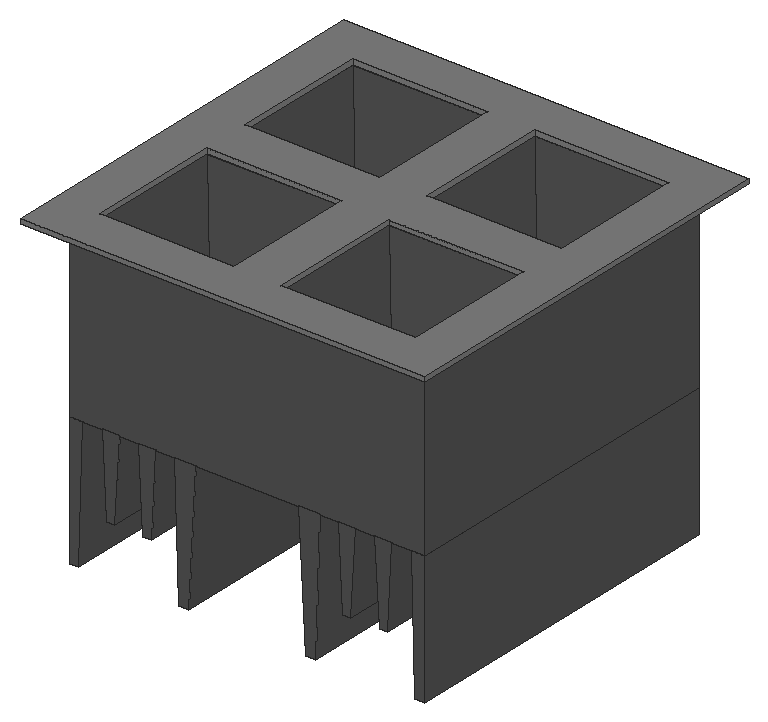
Revit family "Bitpop 2.2A", category Lighting Fixtures, host Face, Revit 2017
Family settings
  Host = Face
  Round Connector Dimension = Use Diameter
  Part Type = Normal
  Cut with Voids When Loaded = Yes
  Light Source = Yes
  Shared = No
  Room Calculation Point = Yes
Parameters (values of type "Bitpop 2.2_ F 30° (3000K 26W 230Vac)")
  Wiring = "-"
  Width mm = 89 mm
  Weight kg = "0.42"
  Wattage = 12.9256 W
  built-in parameter 1150110 = 1 (stored number, unit not read)
  Voltage = 230 V
  URL Technical sheet = "https://www.lucelight.it/media/prodotti/st/ST_BITPOP_22.pdf"
  URL Image = "https://www.lucelight.it/media/prodotti/foto/bitpop_2.2_still.jpg"
  URL IES Photometric file = "https://www.lucelight.it/media/prodotti/fotometrie/bitpop_2.2_ies.zip"
  URL General code = "https://www.lucelight.it/en/prodotto.php/102293#a-generacodice"
  URL Description = "https://www.lucelight.it/en/capitolato.php/102293"
  URL DXF = "https://www.lucelight.it/media/prodotti/dxf/bitpop_2.2.dxf"
  URL Catalogue = "https://www.lucelight.it/media/prodotti/brochure/bitpop_brochure_en.pdf"
  URL Accessories and power supply units = "https://www.lucelight.it/en/prodotto.php/102293#a-scheda-accessori"
  URL = "https://www.lucelight.it/en/prodotto.php/102293"
  built-in parameter 1114217 = 1 (stored number, unit not read)
  Tilt Angle = 90.00°
  built-in parameter 1150109 = 1 (stored number, unit not read)
  built-in parameter 1150134 = (empty or 0)
  built-in parameter 1150113 = 1 (stored number, unit not read)
  Photometric Web File = "BITPOP 2.2 F 30° [3000K 26W 230Vac].IES"
  Model = "Bitpop 2.2"
  Manufacturer = "L&L Luce&Light"
  built-in parameter 1150105 = 152.79 (stored number, unit not read)
  Lumens = 1920 lm
  built-in parameter 1150115 = 1 (stored number, unit not read)
  built-in parameter 1150137 = (empty or 0)
  built-in parameter 1150139 = (empty or 0)
  built-in parameter 1150112 = 1 (stored number, unit not read)
  built-in parameter 1150114 = 1 (stored number, unit not read)
  built-in parameter 1150132 = 2
  built-in parameter 1150102 = (empty or 0)
  built-in parameter 1150107 = 3000 (stored number, unit not read)
  built-in parameter 1150138 = (empty or 0)
  built-in parameter 1150106 = 1.5279 (stored number, unit not read)
  Geometry = Bitpop2.2_ mod : Bitpop 2.2
  Trim = L&L_Steel
  Power supply unit = "included and wired"
  Power supply = "230Vac"
  Power cables = "includes 0.30 m cable"
  Power = "26W (also available: 18W - ref. URL Technical sheet)"
  Optics = "30°"
  Notes = "ceiling-mounted version Bitpop C"
  No. and type of led = "4 high-intensity power LEDs"
  Mounting = "recessed (ceiling: flush or deep set)"
  Material = "body in black anodized aluminium trim in steel"
  Lumen output at source = "1400 lm (3000K, 18W); 1920 lm (3000K, 26W)"
  Lens = L&L_Lens
  Length mm = 89 mm
  LED Colour = "3000K (also available: 2700K and 4000K - ref. URL Technical sheet)"
  IP = "40; 44 installed"
  Height void = 42 mm
  Length void = 82 mm
  Width void = 82 mm
  Height mm = 71 mm
  Features = "UGR < 10 for 17° and 30° optics"
  Energy efficiency class = "A A+ A++"
  Emit from Line Length = 609.6 mm
  built-in parameter 1150104 = 13.8 (stored number, unit not read)
  Dimming Lamp Color Temperature Shift = <None>
  Description = "Indoor recessed"
  Delivered lumen output = "992 lm (3000K, 30°, 18W); 1340 lm (3000K, 30°, 26W)"
  Default Elevation = 1219.2 mm
  Cutout dimensions = "82x82 mm"
  Control system = "on/off; 1-10V + PUSH; DALI + PUSH"
  Contact = "T: +39 0444 360571; E: lucelight@lucelight.it"
  Company = "L&L Luce&Light"
  Color Filter = 16777215
  Code = "BP2210 B White; BP2210 N Black; BP2211 B White; BP2211 N Black"
  CRI = "90 (also available: CRI 80 - ref. URL Technical sheet)"
  Body = L&L_Black anodized aluminium
  built-in parameter 1114218 = 1 (stored number, unit not read)
  built-in parameter 1150133 = 10 (stored number, unit not read)
  Apparent Load Phase 1 = 26 W
Types (8, lengths in mm): name | Photometric Web File | Model | Geometry | Optics | LED Colour | Length void | Width void
  Bitpop 2.2_ F 30° (3000K 26W 230Vac) | "BITPOP 2.2 F 30° [3000K 26W 230Vac].IES" | "Bitpop 2.2" | Bitpop2.2_ mod : Bitpop 2.2 | "30°" | "3000K (also available: 2700K and 4000K - ref. URL Technical sheet)" | 82 | 82
  Bitpop 2.2_ L 42° (3000K 26W 230Vac) | "BITPOP 2.2 L 42° [3000K 26W 230Vac].IES" | "Bitpop 2.2" | Bitpop2.2_ mod : Bitpop 2.2 | "42°" | "3000K (also available: 2700K and 4000K - ref. URL Technical sheet)" | 82 | 82
  Bitpop 2.2_ S 17° (3000K 26W 230Vac) | "BITPOP 2.2 S 17° [3000K 26W 230Vac].IES" | "Bitpop 2.2" | Bitpop2.2_ mod : Bitpop 2.2 | "17°" | "3000K (also available: 2700K and 4000K - ref. URL Technical sheet)" | 82 | 82
  Bitpop 2.2_ W 17°x45° (3000K 26W 230Vac) | "BITPOP 2.2 W 17°x45° [3000K 26W 230Vac].IES" | "Bitpop 2.2" | Bitpop2.2_ mod : Bitpop 2.2 | "17°x45°" | "3000K (also available: 2700K and 4000K - ref. URL Technical sheet)" | 82 | 82
  Bitpop 2.2_Recessed_ F 30° (3000K 26W 230Vac) | "BITPOP 2.2 F 30° [3000K 26W 230Vac].IES" | "Bitpop 2.2_Recessed" | Bitpop2.2_Recessed_mod : Bitpop 2.2 | "30°" | "3000K (also available: 2700K and 4000K - ref. URL Technical sheet)" | 93 | 93
  Bitpop 2.2_Recessed_ L 42° (3000K 26W 230Vac) | "BITPOP 2.2 L 42° [3000K 26W 230Vac].IES" | "Bitpop 2.2_Recessed" | Bitpop2.2_Recessed_mod : Bitpop 2.2 | "42°" | "3000K (also available: 2700K and 4000K - ref. URL Technical sheet)" | 93 | 93
  Bitpop 2.2_Recessed_ S 17° (3000K 26W 230Vac) | "BITPOP 2.2 S 17° [3000K 26W 230Vac].IES" | "Bitpop 2.2_Recessed" | Bitpop2.2_Recessed_mod : Bitpop 2.2 | "17°" | "3000K (also available: 2700K and 4000K - ref. URL Technical sheet)" | 93 | 93
  Bitpop 2.2_Recessed_ W 17°x45° (3000K 26W 230Vac) | "BITPOP 2.2 W 17°x45° [3000K 26W 230Vac].IES" | "Bitpop 2.2_Recessed" | Bitpop2.2_Recessed_mod : Bitpop 2.2 | "17°x45°" | "3000K (also available: 2700K and 4000K - ref. URL Technical sheet)" | 93 | 93
Reference planes
  plane 1 "Center (Front/Back)": y = 0
  plane 2: z = 0
  plane 3 "Center (Left/Right)": x = 0
  plane 4: x = -41
  plane 5: x = 41
  plane 6: y = 41
  plane 7: y = -41
  plane 8: z = -42
Forms (mm)
  Extrusion 1, void
    sketch origin (-11.1, 1.1, 0) x (1, 0, 0) y (0, 1, 0)
      loop
        line (-29.9, 39.9) -> (-29.9, -42.1) -> (52.1, -42.1) -> (52.1, 39.9) -> (-29.9, 39.9)
    from 0 to -42
Dimensions and locks
  "Length void": plane 4 to plane 5
  "Width void": plane 7 to plane 6
  "Height void": plane 8 to plane 2
  equal spacing: plane 4, plane 3 "Center (Left/Right)", plane 5
  equal spacing: plane 7, plane 1 "Center (Front/Back)", plane 6
  aligned and locked: plane 2 to host face
  aligned and locked: level to host face
  aligned and locked: plane 2 to Extrusion 1
  aligned and locked: plane 8 to Extrusion 1
  aligned and locked: Extrusion 1 to plane 6
  aligned and locked: plane 7 to Extrusion 1
  aligned and locked: Extrusion 1 to plane 4
  aligned and locked: plane 5 to Extrusion 1
Automatic sketch dimensions
  host sketch curve to host sketch curve = 2438.4 mm  (x2)
  Extrusion 1 sketch curve to plane 4 = 0 mm
  Extrusion 1 sketch curve to plane 7 = 0 mm
  Extrusion 1 sketch curve to plane 6 = 0 mm
  Extrusion 1 sketch curve to plane 5 = 0 mm
Nested families
  nested 1: "Bitpop2.2_ mod" at (0, 0, -70), type <- "Geometry", type "Bitpop 2.2"
Connectors
  electrical at (0, 0, 0), driven by "Voltage", driven by "Apparent Load Phase 1"
    settings: index 1, voltage 230 V, apparent load 0 VA, apparent load phase1 26 VA, apparent load phase2 0 VA, apparent load phase3 0 VA, power factor 1, load classification "Other", number of poles 1, system type 31, power factor state 1, is connector primary yes, connector utility no, sub classification motor no, connector description ""
Definition of nested family "Bitpop2.2_ mod"
  Parameters (values of type "Bitpop 2.2")
    Wings B = no
    Wings A = yes
    Trim = none
    Lens = none
    Length wings = 78 mm
    Height Bitpop = 135.3 mm
    External box = no
    Default Elevation = 1219.2 mm
    Body = none
  Reference planes
    plane 1 "Light Source Axis (F/B)": y = 0
    plane 2: z = 0
    plane 3 "Light Source Axis (L/R)": x = 0
    plane 4 "Light Source Elevation": z = 1515
    plane 5: x = -39
    plane 6: x = 39
    plane 7: y = 37.7
    plane 8: y = -37.7
    plane 9: z = 70.985
    plane 10: z = 69.985
    plane 11: z = 206.285
    plane 12: z = 37.785
    plane 13: z = 32.785
    plane 14: z = 36.785
    plane 15: z = 30.885
    plane 16: x = -4
    plane 17: x = 4
    plane 18: z = 73.285
    plane 19: z = 0.915
  Forms (mm)
    Extrusion 1, solid, material <- "Trim", detail levels medium+fine
      sketch origin (0, 0, 0) x (1, 0, 0) y (0, 1, 0)
        loop
          line (44.5, 44.5) -> (-44.5, 44.5) -> (-44.5, -44.5) -> (44.5, -44.5) -> (44.5, 44.5)
      from 69.985 to 70.985
    Extrusion 2, solid, material <- "Body", detail levels coarse
      sketch origin (0, 0, 0) x (1, 0, 0) y (0, 1, 0)
        loop
          line (-39, 37.7) -> (-39, -37.7) -> (39, -37.7) -> (39, 37.7) -> (-39, 37.7)
      from 0 to 73.285
    Extrusion 3, solid, material <- "Body", detail levels fine
      sketch origin (0, 0, 0) x (1, 0, 0) y (0, 1, 0)
        loop
          line (-39, 37.7) -> (-39, -37.7) -> (39, -37.7) -> (39, 37.7) -> (-39, 37.7)
      from 30.885 to 69.985
    Blend 4, void
      base sketch origin (0, 0, 0) x (1, 0, 0) y (0, 1, 0)
        loop
          line (-5.171, 34.829) -> (-34.83, 34.829) -> (-34.83, 5.17) -> (-5.171, 5.17) -> (-5.171, 34.829)
      top sketch origin (0, 0, 0) x (1, 0, 0) y (0, 1, 0)
        loop
          line (-7.886, 32.113) -> (-32.113, 32.113) -> (-32.113, 7.887) -> (-7.886, 7.887) -> (-7.886, 32.113)
      from 70.985 to 37.785
    Blend 5, void
      base sketch origin (40, 0, 0) x (1, 0, 0) y (0, 1, 0)
        loop
          line (-5.171, 34.829) -> (-34.83, 34.829) -> (-34.83, 5.17) -> (-5.171, 5.17) -> (-5.171, 34.829)
      top sketch origin (40, 0, 0) x (1, 0, 0) y (0, 1, 0)
        loop
          line (-7.886, 32.113) -> (-32.113, 32.113) -> (-32.113, 7.887) -> (-7.886, 7.887) -> (-7.886, 32.113)
      from 70.985 to 37.785
    Blend 6, void
      base sketch origin (0, -40, 0) x (1, 0, 0) y (0, 1, 0)
        loop
          line (-5.171, 34.829) -> (-34.83, 34.829) -> (-34.83, 5.17) -> (-5.171, 5.17) -> (-5.171, 34.829)
      top sketch origin (0, -40, 0) x (1, 0, 0) y (0, 1, 0)
        loop
          line (-7.886, 32.113) -> (-32.113, 32.113) -> (-32.113, 7.887) -> (-7.886, 7.887) -> (-7.886, 32.113)
      from 70.985 to 37.785
    Blend 7, void
      base sketch origin (40, -40, 0) x (1, 0, 0) y (0, 1, 0)
        loop
          line (-5.171, 34.829) -> (-34.83, 34.829) -> (-34.83, 5.17) -> (-5.171, 5.17) -> (-5.171, 34.829)
      top sketch origin (40, -40, 0) x (1, 0, 0) y (0, 1, 0)
        loop
          line (-7.886, 32.113) -> (-32.113, 32.113) -> (-32.113, 7.887) -> (-7.886, 7.887) -> (-7.886, 32.113)
      from 70.985 to 37.785
    Extrusion 8, void
      sketch origin (0, 0, 0) x (1, 0, 0) y (0, 1, 0)
        loop
          circle (-20, 20) r 10.7
        loop
          circle (20, 20) r 10.7
        loop
          circle (-20, -20) r 10.7
        loop
          circle (20, -20) r 10.7
      from 32.785 to 46.486
    Extrusion 9, solid, material <- "Lens", detail levels medium+fine
      sketch origin (0, 0, 0) x (1, 0, 0) y (0, 1, 0)
        loop
          circle (-20, 20) r 10.7
        loop
          circle (20, 20) r 10.7
        loop
          circle (-20, -20) r 10.7
        loop
          circle (20, -20) r 10.7
      from 36.785 to 37.785
    Extrusion 10, solid, material <- "Body", detail levels fine
      sketch origin (0, 0, 0) x (1, 0, 0) y (0, 0, 1)
        loop
          line (38.995, 1.915) -> (38.995, 30.885) -> (36.119, 30.885) -> (36.973, 1.915) -> (38.995, 1.915)
        loop
          line (30.91, 12.916) -> (31.881, 30.885) -> (28.118, 30.885) -> (29.104, 12.916) -> (30.91, 12.916)
      from -37.7 to 37.7
    Extrusion 11, solid, material <- "Body", detail levels medium
      sketch origin (0, 0, 0) x (1, 0, 0) y (0, 1, 0)
        loop
          line (-39, 37.7) -> (-39, -37.7) -> (39, -37.7) -> (39, 37.7) -> (-39, 37.7)
      from 0 to 69.985
    Extrusion 12, void
      sketch origin (0, 0, 0) x (1, 0, 0) y (0, 1, 0)
        loop
          circle (-20, 20) r 10.7
        loop
          circle (20, 20) r 10.7
        loop
          circle (20, -20) r 10.7
        loop
          circle (-20, -20) r 10.7
      from 32.785 to 38.654
    Extrusion 13, solid, material <- "Body", detail levels fine
      sketch origin (52, 0, 0) x (-1, 0, 0) y (0, 0, -1)
        loop
          line (40.621, -30.885) -> (39.034, -1.887) -> (36.996, -1.887) -> (36.143, -30.885) -> (40.621, -30.885)
        loop
          line (30.88, -12.916) -> (29.104, -12.916) -> (28.118, -30.885) -> (31.863, -30.885) -> (30.88, -12.916)
      from -37.7 to 37.7
    Extrusion 14, solid, material <- "Body", detail levels fine
      sketch origin (0, 0, 0) x (-1, 0, 0) y (0, 0, -1)
        loop
          line (38.995, -1.915) -> (36.973, -1.915) -> (36.119, -30.885) -> (38.995, -30.885) -> (38.995, -1.915)
        loop
          line (30.91, -12.916) -> (29.104, -12.916) -> (28.118, -30.885) -> (31.881, -30.885) -> (30.91, -12.916)
      from -37.7 to 37.7
    Extrusion 15, solid, material <- "Body", detail levels fine
      sketch origin (-52, 0, 0) x (1, 0, 0) y (0, 0, 1)
        loop
          line (40.621, 30.885) -> (36.119, 30.885) -> (36.973, 1.887) -> (39.054, 1.887) -> (40.621, 30.885)
        loop
          line (30.91, 12.916) -> (31.881, 30.885) -> (28.118, 30.885) -> (29.104, 12.916) -> (30.91, 12.916)
      from -37.7 to 37.7
  Cuts and joins
    Blend 4, Blend 5, Blend 6, Blend 7 cuts Extrusion 1
    Blend 5, Blend 6, Blend 7 cuts Extrusion 2
    Blend 4, Blend 5, Blend 6, Blend 7, Extrusion 8 cuts Extrusion 3
    Blend 4, Blend 5, Blend 6, Blend 7, Extrusion 12 cuts Extrusion 11
  Dimensions and locks
    locked: plane 4 "Light Source Elevation" to plane 2 at 1515
    plane 10 to plane 9 = 1 mm
    "Height Bitpop": plane 9 to plane 11
    locked: level to plane 11 at 206.285
    locked: plane 13 to plane 12 at 5
    locked: plane 14 to plane 12 at 1
    locked: level to plane 15 at 30.885
    plane 9 to plane 18 = 2.3 mm
    locked: level to plane 18 at 73.285
    aligned and locked: level to plane 2
    aligned and locked: plane 9 to Extrusion 1
    aligned and locked: Extrusion 1 to plane 10
    aligned and locked: plane 10 to Extrusion 3
    aligned and locked: plane 9 to Blend 4
    aligned and locked: Blend 4 to plane 12
    aligned and locked: plane 9 to cut or joined group of Extrusion 3, Blend 4, Blend 5, Blend 6, Blend 7, Extrusion 8  (x3)
    aligned and locked: cut or joined group of Extrusion 3, Blend 4, Blend 5, Blend 6, Blend 7, Extrusion 8 to plane 12  (x3)
    aligned and locked: Extrusion 8 to plane 13
    aligned and locked: plane 12 to Extrusion 9
    aligned and locked: Extrusion 9 to plane 14
    aligned and locked: cut or joined group of Extrusion 3, Blend 4, Blend 5, Blend 6, Blend 7, Extrusion 8 to plane 15
    aligned and locked: plane 10 to Extrusion 11
    aligned and locked: plane 8 to Extrusion 10
    aligned and locked: plane 18 to Extrusion 2
  Automatic sketch dimensions
    plane 5 to Extrusion 1 sketch curve = 5.5 mm
    Extrusion 1 sketch curve to plane 6 = 5.5 mm
    plane 8 to Extrusion 1 sketch curve = 6.8 mm
    Extrusion 1 sketch curve to plane 7 = 6.8 mm
    Extrusion 2 sketch curve to plane 5 = 0 mm
    Extrusion 2 sketch curve to plane 6 = 0 mm
    plane 8 to Extrusion 2 sketch curve = 0 mm
    plane 7 to Extrusion 2 sketch curve = 0 mm
    Extrusion 3 sketch curve to plane 5 = 0 mm
    Extrusion 3 sketch curve to plane 6 = 0 mm
    plane 8 to Extrusion 3 sketch curve = 0 mm
    plane 7 to Extrusion 3 sketch curve = 0 mm
    Blend 4 sketch curve to plane 5 = 4.17 mm
    Blend 4 sketch curve to plane 3 "Light Source Axis (L/R)" = 5.171 mm
    Blend 4 sketch curve to plane 1 "Light Source Axis (F/B)" = 5.17 mm
    plane 7 to Blend 4 sketch curve = 2.871 mm
    Blend 4 sketch curve to plane 5 = 6.887 mm
    Blend 4 sketch curve to plane 3 "Light Source Axis (L/R)" = 7.886 mm
    Blend 4 sketch curve to plane 1 "Light Source Axis (F/B)" = 7.887 mm
    plane 7 to Blend 4 sketch curve = 5.587 mm
    plane 3 "Light Source Axis (L/R)" to Blend 5 sketch curve = 5.17 mm
    plane 6 to Blend 5 sketch curve = 4.171 mm
    Blend 5 sketch curve to plane 1 "Light Source Axis (F/B)" = 5.17 mm
    plane 7 to Blend 5 sketch curve = 2.871 mm
    plane 3 "Light Source Axis (L/R)" to Blend 5 sketch curve = 7.887 mm
    plane 6 to Blend 5 sketch curve = 6.886 mm
    Blend 5 sketch curve to plane 1 "Light Source Axis (F/B)" = 7.887 mm
    plane 7 to Blend 5 sketch curve = 5.587 mm
    Blend 6 sketch curve to plane 5 = 4.17 mm
    Blend 6 sketch curve to plane 3 "Light Source Axis (L/R)" = 5.171 mm
    Blend 6 sketch curve to plane 8 = 2.87 mm
    plane 1 "Light Source Axis (F/B)" to Blend 6 sketch curve = 5.171 mm
    Blend 6 sketch curve to plane 5 = 6.887 mm
    Blend 6 sketch curve to plane 3 "Light Source Axis (L/R)" = 7.886 mm
    Blend 6 sketch curve to plane 8 = 5.587 mm
    plane 1 "Light Source Axis (F/B)" to Blend 6 sketch curve = 7.887 mm
    plane 3 "Light Source Axis (L/R)" to Blend 7 sketch curve = 5.17 mm
    plane 6 to Blend 7 sketch curve = 4.171 mm
    Blend 7 sketch curve to plane 8 = 2.87 mm
    plane 1 "Light Source Axis (F/B)" to Blend 7 sketch curve = 5.171 mm
    plane 3 "Light Source Axis (L/R)" to Blend 7 sketch curve = 7.887 mm
    plane 6 to Blend 7 sketch curve = 6.886 mm
    Blend 7 sketch curve to plane 8 = 5.587 mm
    plane 1 "Light Source Axis (F/B)" to Blend 7 sketch curve = 7.887 mm
    Extrusion 9 sketch curve to Extrusion 9 sketch curve = 0 mm  (x8)
    Extrusion 9 sketch curve to plane 5 = 19 mm  (x2)
    plane 6 to Extrusion 9 sketch curve = 19 mm  (x2)
    Extrusion 9 sketch curve to plane 8 = 17.7 mm  (x2)
    plane 7 to Extrusion 9 sketch curve = 17.7 mm  (x2)
    Extrusion 9 sketch curve to plane 5 = 8.3 mm  (x2)
    plane 3 "Light Source Axis (L/R)" to Extrusion 9 sketch curve = 9.3 mm  (x2)
    Extrusion 11 sketch curve to plane 5 = 0 mm
    Extrusion 11 sketch curve to plane 6 = 0 mm
    plane 8 to Extrusion 11 sketch curve = 0 mm
    plane 7 to Extrusion 11 sketch curve = 0 mm
    Extrusion 12 sketch curve to Extrusion 12 sketch curve = 0 mm  (x8)
    Extrusion 12 sketch curve to plane 5 = 19 mm  (x2)
    plane 6 to Extrusion 12 sketch curve = 19 mm  (x2)
    Extrusion 12 sketch curve to plane 8 = 17.7 mm  (x2)
    plane 7 to Extrusion 12 sketch curve = 17.7 mm  (x2)
    Extrusion 12 sketch curve to plane 5 = 8.3 mm  (x2)
    plane 3 "Light Source Axis (L/R)" to Extrusion 12 sketch curve = 9.3 mm  (x2)
    Extrusion 14 sketch curve to plane 15 = 0 mm  (x2)
    plane 5 to Extrusion 14 sketch curve = 8.09 mm
    plane 5 to Extrusion 14 sketch curve = 7.119 mm
    plane 5 to Extrusion 14 sketch curve = 2.881 mm
    plane 19 to Extrusion 14 sketch curve = 1 mm
    plane 5 to Extrusion 14 sketch curve = 2.027 mm
    plane 5 to Extrusion 14 sketch curve = 0.005 mm
    plane 19 to Extrusion 14 sketch curve = 12.001 mm
    Extrusion 14 sketch curve to Extrusion 14 sketch curve = 1.807 mm
    Extrusion 14 sketch curve to Extrusion 14 sketch curve = 3.763 mm
    Extrusion 15 sketch curve to plane 15 = 0 mm  (x2)
    Extrusion 15 sketch curve to plane 5 = 15.119 mm
    Extrusion 15 sketch curve to plane 5 = 16.104 mm
    Extrusion 15 sketch curve to Extrusion 15 sketch curve = 1.807 mm
    Extrusion 15 sketch curve to Extrusion 15 sketch curve = 3.763 mm
    Extrusion 15 sketch curve to Extrusion 15 sketch curve = 4.237 mm
    plane 16 to Extrusion 15 sketch curve = 11.026 mm
    Extrusion 15 sketch curve to plane 19 = 12.001 mm
    Extrusion 15 sketch curve to Extrusion 15 sketch curve = 2.081 mm
    Extrusion 15 sketch curve to plane 19 = 0.972 mm
    Extrusion 15 sketch curve to Extrusion 15 sketch curve = 4.503 mm
    Extrusion 13 sketch curve to plane 15 = 0 mm  (x2)
    plane 17 to Extrusion 13 sketch curve = 17.12 mm
    plane 17 to Extrusion 13 sketch curve = 11.857 mm
    plane 19 to Extrusion 13 sketch curve = 0.972 mm
    plane 17 to Extrusion 13 sketch curve = 11.004 mm
    Extrusion 13 sketch curve to Extrusion 13 sketch curve = 2.039 mm
    Extrusion 13 sketch curve to Extrusion 13 sketch curve = 4.479 mm
    plane 19 to Extrusion 13 sketch curve = 12.001 mm
    Extrusion 13 sketch curve to Extrusion 13 sketch curve = 1.776 mm
    Extrusion 13 sketch curve to Extrusion 13 sketch curve = 8.024 mm
    Extrusion 13 sketch curve to Extrusion 13 sketch curve = 3.745 mm
    Extrusion 10 sketch curve to plane 15 = 0 mm  (x2)
    plane 6 to Extrusion 10 sketch curve = 10.882 mm
    plane 6 to Extrusion 10 sketch curve = 9.896 mm
    Extrusion 10 sketch curve to Extrusion 10 sketch curve = 1.807 mm
    Extrusion 10 sketch curve to Extrusion 10 sketch curve = 3.763 mm
    plane 6 to Extrusion 10 sketch curve = 2.881 mm
    Extrusion 10 sketch curve to plane 19 = 1 mm
    plane 6 to Extrusion 10 sketch curve = 2.027 mm
    plane 6 to Extrusion 10 sketch curve = 0.005 mm
    Extrusion 10 sketch curve to plane 19 = 12.001 mm
